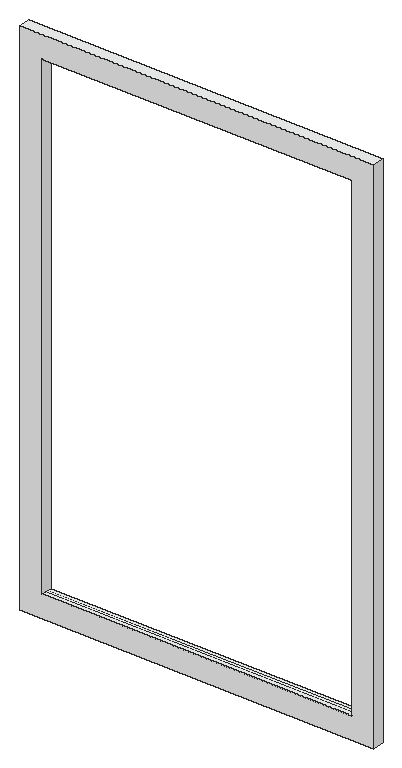
Revit family "Frameless Glass Panel R", category Doors, Revit 2016
Family settings
  OmniClass Number = 23.25.20.14.11.11.17
  OmniClass Title = Infill Panels
  Always vertical = Yes
  Cut with Voids When Loaded = No
  Shared = No
  Room Calculation Point = No
Parameters (values of type "one")
  glass width [instance] = 4' - 9.00212"
  glass ofset from frame ext edge = 0' - 4 1/4"
  glass height [instance] = 7' - 4"
  frame material = Metal Frame Flat Aluminun
  Panel Material = CLEAR TEMPERED GLASS (HEAD/SILL SUPPORT DETAILS TO MATCHING EXISTING FRAMLESS GLASS DETAILS @ TENANT ENTRANCE)
  Glass Thickness = 0' - 0 1/2"
  Gap btwn Panels = 0' - 0 1/4"
  GAp btwn Frame = 0' - 1"
  Frame thickness = 0' - 2"
  Frame Glass crease = 0' - 0"
  Analytic Construction = "<None>"
Reference planes (in)
  plane 1 "Front": y = 0
  plane 2: z = 0
  plane 3 "Center (Left/Right)": x = 0
  plane 4 "Left": x = -32.75106
  plane 5 "Right": x = 32.75106
  plane 6 "Top": z = 96
  plane 7: x = 32.50106
  plane 8: x = -32.50106
  plane 9: y = 0.25
  plane 10: y = -0.25
  plane 11: y = 1
  plane 12: y = -1
  plane 13 "glas edge left": x = -28.50106
  plane 14 "glass edge right": x = 28.50106
  plane 15: z = 92
  plane 16: z = 4
Forms (in)
  Extrusion 1, solid, material "Metal Frame Flat Aluminun" <- "frame material"
    sketch origin (0, 0, 0) x (1, 0, 0) y (0, 0, 1)
      loop
        line (32.50106, 96) -> (-32.50106, 96) -> (-32.50106, 0) -> (32.50106, 0) -> (32.50106, 96)
      loop
        line (28.50106, 92) -> (-28.50106, 92) -> (-28.50106, 4) -> (28.50106, 4) -> (28.50106, 92)
    from -1 to 1
  Extrusion 2, solid, material "CLEAR TEMPERED GLASS (HEAD/SILL SUPPORT DETAILS TO MATCHING EXISTING FRAMLESS GLASS DETAILS @ TENANT ENTRANCE)" <- "Panel Material"
    sketch origin (0, 0, 0) x (1, 0, 0) y (0, 0, 1)
      loop
        line (28.50106, 92) -> (-28.50106, 92) -> (-28.50106, 4) -> (28.50106, 4) -> (28.50106, 92)
    from -0.25 to 0.25
Text (in)
  text "Exterior" at (-54.29358, 31.38743, 0), in view "Ref. Level"
  text "Exterior" at (480, 41.53993, 89.60405), in view "Right"
  text "Exterior" at (-240, 57.82419, 105.78864), in view "Left"
Dimensions and locks (in)
  equal spacing: plane 4 "Left", plane 3 "Center (Left/Right)", plane 5 "Right"
  "Gap btwn Panels": plane 7 to plane 5 "Right"
  "Gap btwn Panels": plane 4 "Left" to plane 8
  equal spacing: plane 9, plane 1 "Front", plane 10
  "Glass Thickness": plane 9 to plane 10
  "Frame Glass crease": plane 13 "glas edge left" to Extrusion 2
  "Frame Glass crease": Extrusion 2 to plane 14 "glass edge right"
  "glass width": plane 13 "glas edge left" to plane 14 "glass edge right"
  "glass ofset from frame ext edge": plane 14 "glass edge right" to plane 5 "Right"
  "glass ofset from frame ext edge": Extrusion 1 to plane 4 "Left"
  "glass height": Extrusion 1 to Extrusion 1
  aligned and locked: level to plane 2
Automatic sketch dimensions
  Extrusion 1 sketch curve to plane 6 "Top" = 0' - 0"
  plane 8 to Extrusion 1 sketch curve = 0' - 0"
  level to Extrusion 1 sketch curve = 0' - 4"
  plane 7 to Extrusion 1 sketch curve = 0' - 0"
  Extrusion 1 sketch curve to plane 8 = 0' - 4"
  plane 7 to Extrusion 1 sketch curve = 0' - 4"
  plane 6 "Top" to Extrusion 1 sketch curve = 0' - 4"
  Extrusion 1 sketch curve to level = 0' - 0"
  Extrusion 2 sketch curve to plane 13 "glas edge left" = 0' - 0"
  plane 14 "glass edge right" to Extrusion 2 sketch curve = 0' - 0"
  Extrusion 2 sketch curve to plane 16 = 0' - 0"
  Extrusion 2 sketch curve to plane 15 = 0' - 0"
Nested families (in)
  nested 1: "Curtain Wall Door Swing-Single R" at (-32.50106, 1, 0) x (-1, 0, 0) z (0, 0, 1), type "Single"
    with Swing Visible yes, Swing Angle 90.00°, Actual Angle 90.00°
Definition of nested family "Curtain Wall Door Swing-Single R"
  Parameters (values of type "Single")
    Width = 2' - 11.43307"
    Thickness = 0' - 0"
    Swing Visible [instance] = Swing Angle > 1.00°  # yes
    Swing Angle [instance] = 45.00°
    Assembly Code = ""
    Analytic Construction = "<None>"
    Actual Angle [instance] = if(Swing Angle < 1.00°, 1.00°, Swing Angle)  # 45.00°
  Reference planes (in)
    plane 1 "Center (Front/Back)": y = 0
    plane 2: z = 0
    plane 3 "Center (Left/Right)": x = 0
    plane 4: x = -35.43307
  Lines and regions (in)
    symbolic lines
      curve 1: line (0, 0, 0) -> (-35.43307, 0, 0)
      curve 5: line (0, 0, 0) -> (-25.05496, 25.05496, 0)
    symbolic lines, visible <- "Swing Visible"
      curve 2: arc (-35.43307, 0, 0) -> (-32.73589, 13.55965, 0) -> (-25.05496, 25.05496, 0) r 35.43307
    reference lines
      curve 3: line (0, 0, 0) -> (-25.05496, 25.05496, 0)
    model lines
      curve 4: line (0, 0, 0) -> (0, 0, 1)
  Dimensions and locks (in)
    "Width": plane 4 to plane 3 "Center (Left/Right)"
    locked: curve 2 to plane 3 "Center (Left/Right)"
    locked: curve 2 to plane 1 "Center (Front/Back)"
    "Width": curve 3 to curve 3
    locked: curve 4 to plane 2 at 1
    "Width": radius of curve 2
    "Actual Angle": angle curve 2 to curve 2
    "Swing Angle": angle curve 3 to plane 1 "Center (Front/Back)"
    aligned and locked: plane 3 "Center (Left/Right)" to curve 1
    aligned and locked: plane 3 "Center (Left/Right)" to curve 3
    aligned and locked: plane 1 "Center (Front/Back)" to curve 3
    aligned and locked: plane 3 "Center (Left/Right)" to curve 4
    aligned and locked: plane 2 to curve 4
    aligned and locked: curve 5 to curve 3
